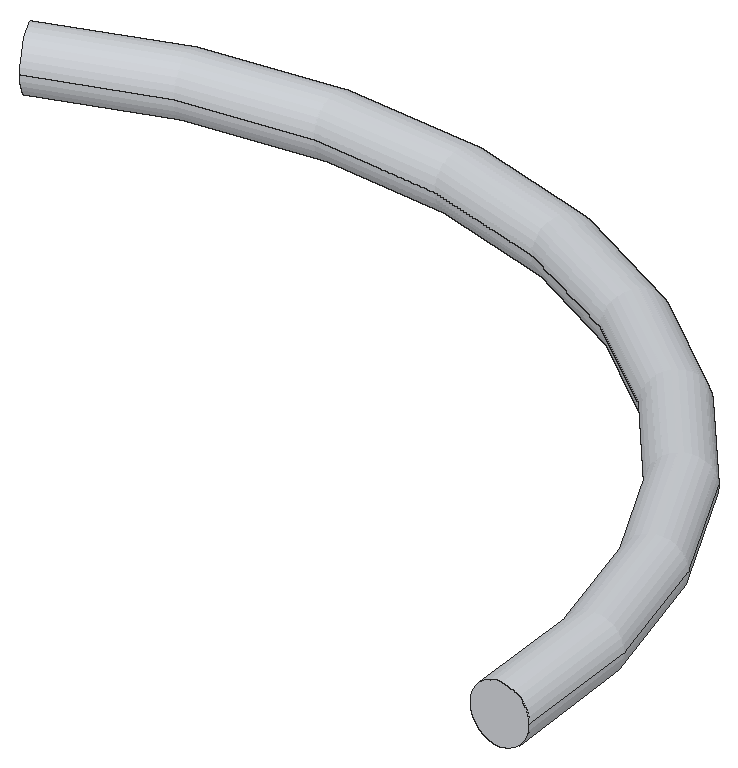
Revit family "Family-PipeFitting-Elbow", category Pipe Fittings, Revit 2020
Family settings
  Round Connector Dimension = Use Diameter
  Part Type = Elbow
  Work Plane-Based = No
  Always vertical = Yes
  Cut with Voids When Loaded = No
  Shared = No
Parameters
  円脈長さ [instance] = (pi() * (Radius) * (Angle)) / 180.00°  # 2269.852 mm
  Radius [instance] = 1120 mm
  Diameter [instance] = 100 mm
  Default Elevation = 0 mm
  Angle [instance] = 116.119°
Reference planes
  plane 1 "Center (Front/Back)": y = 0
  plane 2: z = 0
  plane 3 "Center (Left/Right)": x = 0
Forms (mm)
  Sweep 1, solid
    path origin (0, 0, 0) x (1, 0, 0) y (0, 1, 0)
      loop
        arc (1120, 0) -> (592.526, 950.428) -> (-493.06, 1005.63) r 1120
    profile origin (592.526, 950.428, 0) x (-0.529041, -0.848596, 0) y (0, 0, 1)
      loop
        circle (0, 0) r 50
Dimensions and locks
  "Radius": radius of Sweep 1 sketch curve
  "Diameter": diameter of Sweep 1 sketch curve
  "Angle": angle Sweep 1 sketch curve to Sweep 1 sketch curve
  aligned and locked: level to plane 2
  aligned and locked: plane 1 "Center (Front/Back)" to Sweep 1 sketch curve
Automatic sketch dimensions
  Sweep 1 sketch curve to plane 3 "Center (Left/Right)" = 0 mm
  level to Sweep 1 sketch curve = 0 mm
  Sweep 1 sketch curve to profile plane = 0 mm
Connectors
  piping at (1120, 0, 0), diameter 100, driven by "Diameter"
    settings: on Sweep 1, index 1, connector inside diameter 609.6 mm, connector length 0 mm, flow factor 0, pipe flow 0.0 L/s, pressure drop 0.0 Pa, fitting loss kfactor 0, connector angle 0.00°, fixture units 0, engagement length 0 mm, angle of deflection 0.00°, flow configuration 0, flow direction 0, fitting loss method 0, system type 7, joint type 0, gender type 0, connector reference index -1, connector utility 0, adjustable connector no, is connector primary yes, connector description ""
  piping at (-493.06, 1005.63, 0), diameter 100, driven by "Diameter"
    settings: on Sweep 1, index 2, connector inside diameter 609.6 mm, connector length 0 mm, flow factor 0, pipe flow 0.0 L/s, pressure drop 0.0 Pa, fitting loss kfactor 0, connector angle 0.00°, fixture units 0, engagement length 0 mm, angle of deflection 0.00°, flow configuration 0, flow direction 0, fitting loss method 0, system type 7, joint type 0, gender type 0, connector reference index -1, connector utility 0, adjustable connector no, is connector primary no, connector description ""
